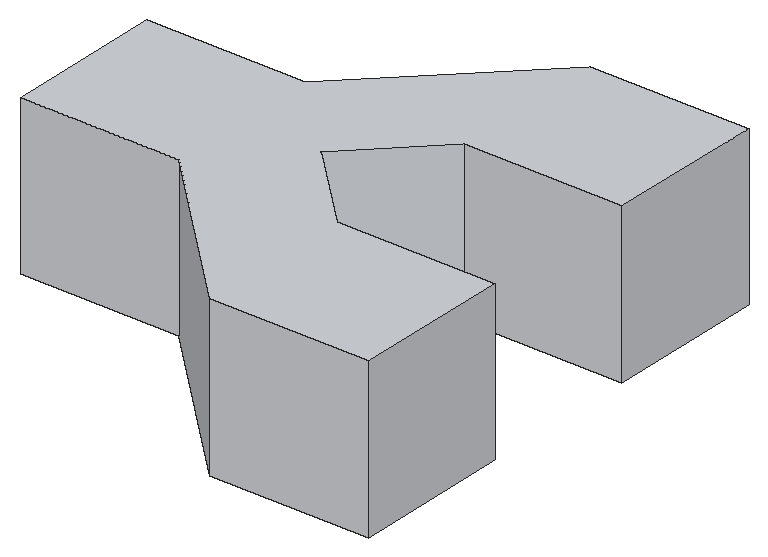
Revit family "M_Rectangular Pants", category Duct Fittings, Revit 2014
Parameters (values of type "Standard")
  Duct Width 3 [instance] = 300 mm
  Duct Width 2 [instance] = 300 mm
  Duct Width 1 [instance] = 300 mm
  Duct Length 8 [instance] = 1.5 * Duct Width 3  # 450 mm
  Duct Length 7 [instance] = Duct Width 3  # 300 mm
  Duct Length 6 [instance] = 2 * Duct Width 1  # 600 mm
  Duct Length 5 [instance] = Duct Length 2 - (Duct Length 4 - Duct Width 2) / tan(atan((Duct Length 4 - Duct Width 1 / 2) / (Duct Length 2 - Duct Length 1)))  # 450 mm
  Duct Length 4 [instance] = 1.5 * Duct Width 2  # 450 mm
  Duct Length 3 [instance] = Duct Width 2  # 300 mm
  Duct Length 2 [instance] = 2 * Duct Width 1  # 600 mm
  Duct Length 1 [instance] = Duct Width 1  # 300 mm
  Duct Height [instance] = 300 mm
Reference planes
  plane 1 "Center (Front/Back)": y = 0
  plane 2: z = 0
  plane 3 "Center (Left/Right)": x = 0
  plane 4: x = 300
  plane 5: y = 150
  plane 6: y = -150
  plane 7: x = 600
  plane 8: x = 900
  plane 9: y = 450
  plane 10: y = 150
  plane 11: x = 450
  plane 12: x = 600
  plane 13: x = 900
  plane 14: y = -450
  plane 15: y = -150
  plane 16: y = 300
  plane 17: y = -300
  plane 18: z = 150
  plane 19: z = -150
Forms (mm)
  Extrusion 1, solid, detail levels medium+fine
    sketch origin (0, 0, 0) x (1, 0, 0) y (0, 1, 0)
      loop
        line (300, 150) -> (0, 150) -> (0, -150) -> (300, -150) -> (600, -450) -> (900, -450) -> (900, -150) -> (600, -150) -> (450, 0) -> (600, 150) -> (900, 150) -> (900, 450) -> (600, 450) -> (300, 150)
    from -150 to 150
Lines and regions (mm)
  model lines, detail levels coarse
    curve 1: line (300, 0, 0) -> (600, 300, 0)
    curve 2: line (300, 0, 0) -> (600, -300, 0)
    curve 3: line (600, 300, 0) -> (900, 300, 0)
    curve 4: line (600, -300, 0) -> (900, -300, 0)
    curve 5: line (0, 0, 0) -> (300, 0, 0)
Dimensions and locks
  "Duct Length 1": plane 3 "Center (Left/Right)" to plane 4
  equal spacing: plane 5, plane 1 "Center (Front/Back)", plane 6
  "Duct Width 1": plane 5 to plane 6
  "Duct Length 2": plane 3 "Center (Left/Right)" to plane 7
  "Duct Length 3": plane 7 to plane 8
  "Duct Length 4": plane 1 "Center (Front/Back)" to plane 9
  "Duct Width 2": plane 9 to plane 10
  "Duct Length 5": plane 3 "Center (Left/Right)" to plane 11
  "Duct Length 6": plane 3 "Center (Left/Right)" to plane 12
  "Duct Length 7": plane 12 to plane 13
  "Duct Length 8": plane 1 "Center (Front/Back)" to plane 14
  "Duct Width 3": plane 15 to plane 14
  equal spacing: plane 9, plane 16, plane 10
  equal spacing: plane 15, plane 17, plane 14
  equal spacing: plane 18, plane 2, plane 19
  "Duct Height": plane 18 to plane 19
  aligned and locked: plane 5 to Extrusion 1 sketch curve
  aligned and locked: plane 4 to Extrusion 1 sketch curve  (x2)
  aligned and locked: plane 6 to Extrusion 1 sketch curve
  aligned and locked: plane 15 to Extrusion 1 sketch curve  (x2)
  aligned and locked: plane 7 to Extrusion 1 sketch curve  (x2)
  aligned and locked: plane 1 "Center (Front/Back)" to Extrusion 1 sketch curve
  aligned and locked: plane 11 to Extrusion 1 sketch curve
  aligned and locked: plane 3 "Center (Left/Right)" to Extrusion 1 sketch curve  (x2)
  aligned and locked: Extrusion 1 sketch curve to plane 5
  aligned and locked: Extrusion 1 sketch curve to plane 6
  aligned and locked: plane 12 to Extrusion 1 sketch curve  (x2)
  aligned and locked: plane 13 to Extrusion 1 sketch curve
  aligned and locked: Extrusion 1 sketch curve to plane 14
  aligned and locked: plane 14 to Extrusion 1 sketch curve
  aligned and locked: Extrusion 1 sketch curve to plane 13
  aligned and locked: plane 8 to Extrusion 1 sketch curve
  aligned and locked: Extrusion 1 sketch curve to plane 10
  aligned and locked: Extrusion 1 sketch curve to plane 9
  aligned and locked: plane 9 to Extrusion 1 sketch curve
  aligned and locked: plane 10 to Extrusion 1 sketch curve
  aligned and locked: Extrusion 1 sketch curve to plane 8
  aligned and locked: plane 7 to curve 1
  aligned and locked: plane 1 "Center (Front/Back)" to curve 2
  aligned and locked: plane 4 to curve 2
  aligned and locked: plane 3 "Center (Left/Right)" to curve 5
  aligned and locked: plane 1 "Center (Front/Back)" to curve 5
  aligned and locked: plane 8 to curve 3
  aligned and locked: curve 3 to plane 16
  aligned and locked: plane 12 to curve 4
  aligned and locked: plane 13 to curve 4
  aligned and locked: curve 4 to plane 17
  aligned and locked: Extrusion 1 to plane 19
  aligned and locked: plane 18 to Extrusion 1
Connectors
  hvac at (0, 0, 0), driven by "Duct Height", driven by "Duct Width 1"
    settings: on Extrusion 1, index 1, duct flow 0.0 L/s, flow factor 0, pres drop 0.0 Pa, loss coef 0, conn angle 0.00°, conn width 300 mm, conn height 300 mm, conn diameter 609.6 mm, duct sys type 28, conn prof type 1, flow config 0, flow direction 0, loss method 0, conn ref index -1, conn util no, is conn primary yes, conn desc ""
  hvac at (900, 300, 0), driven by "Duct Height", driven by "Duct Width 2"
    settings: on Extrusion 1, index 2, duct flow 0.0 L/s, flow factor 0, pres drop 0.0 Pa, loss coef 0, conn angle 0.00°, conn width 300 mm, conn height 300 mm, conn diameter 609.6 mm, duct sys type 28, conn prof type 1, flow config 0, flow direction 0, loss method 0, conn ref index -1, conn util no, is conn primary no, conn desc ""
  hvac at (900, -300, 0), driven by "Duct Height", driven by "Duct Width 3"
    settings: on Extrusion 1, index 3, duct flow 0.0 L/s, flow factor 0, pres drop 0.0 Pa, loss coef 0, conn angle 0.00°, conn width 300 mm, conn height 300 mm, conn diameter 609.6 mm, duct sys type 28, conn prof type 1, flow config 0, flow direction 0, loss method 0, conn ref index -1, conn util no, is conn primary no, conn desc ""
